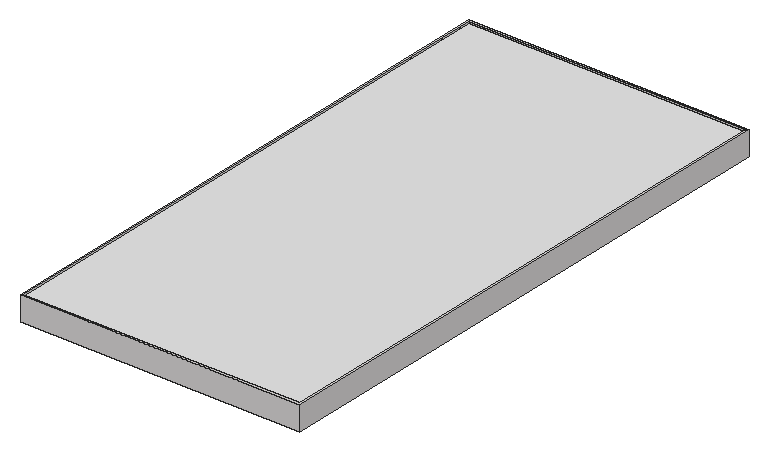
Revit family "Sanitary_Mirrors_Sloan-Valve_MF-Thin-Frames", category Furniture, host Face, Revit 2021
Family settings
  Host = Face
  OmniClass Number = 23.40.95.17.17
  OmniClass Title = Mirrors
  Cut with Voids When Loaded = No
  Shared = No
  Room Calculation Point = No
Parameters (values of type "MF Thin Frame-18x36-BN")
  z_Wall Panel Width 2 = if(Width < 7.87402", Real Width / 7, 1.49606")  # 1.49606"
  z_Wall Panel Width 1 = if(Height < 7.87402", Real Height / 7, 1.9685")  # 1.9685"
  z_Wall Panel Left Offset = if(Height < 7.87", Real Height / 6, 0.87")  # 0.87"
  z_Wall Panel Top Offset = if(Height < 7.87", Real Height / 6, 2.22")  # 2.22"
  z_Cutout Left = if(Width < 7.87", Real Width / 5, 4.06")  # 4.06"
  z_Cutout Top = if(Height < 7.87", Real Height / 5, 6.54")  # 6.54"
  z_Case Back Width = Real Width - 0.19724"  # 17.80276"
  z_Case Back Height = Real Height - 0.19724"  # 35.80276"
  z_Bracket Width = if(or(Real Height < 17.00", Real Width < 7.87"), Real Height / 4, 13.15")  # 13.15"
  Weight = 28.00 lbf
  URL = "www.sloanvalve.com"
  Real Width = if(Width < 4.00", 4.00", Width)  # 18.00"
  Real Height = if(Height < 4.00", 4.00", Height)  # 36.00"
  Width = 18.00"
  Version = 1
  Product data url = "https://bimobject.com/sloan_valve/product/mf-thin-frame-wall-hung-mirror"
  Product Material = Sloan Valve - Finish - Brushed Nickel
  Part Number = "32910018"
  Model = "MF Thin Frame-18x36-BN"
  Manufacturer = "Sloan Valve"  # constant formula
  Height = 36.00"
  Description = "18\" x 36\", Brushed Nickel, Sloan 1/4\" Wall-hung Thin Frame Mirror."
  Depth = 0.82677"  # constant formula
  Default Elevation = 48.00"
  Date Updated = ""
  Date Created = "2024/06/13"  # constant formula
  Custom Size Note = "Please reach out to Sloan Valve Company for information on custom sizes."  # constant formula
Types (6): name | z_Case Back Width | Weight | Real Width | Width | Product Material | Part Number | Model | Description
  MF Thin Frame-18x36-BN | 17.80276" | 28.00 lbf | 18.00" | 18.00" | Sloan Valve - Finish - Brushed Nickel | "32910018" | "MF Thin Frame-18x36-BN" | "18\" x 36\", Brushed Nickel, Sloan 1/4\" Wall-hung Thin Frame Mirror."
  MF Thin Frame-24x36-CP | 23.80276" | 36.00 lbf | 24.00" | 24.00" | Sloan Valve - Finish - Polished Chrome | "32910005" | "MF Thin Frame-24x36-CP" | "24\" x 36\", Polished Chrome, Sloan 1/4\" Wall-hung Thin Frame Mirror."
  MF Thin Frame-24x36-GR | 23.80276" | 36.00 lbf | 24.00" | 24.00" | Sloan Valve - Finish - Graphite | "32910001" | "MF Thin Frame-24x36-GR" | "24\" x 36\", Graphite, Sloan 1/4\" Wall-hung Thin Frame Mirror."
  MF Thin Frame-18x36-GR | 17.80276" | 28.00 lbf | 18.00" | 18.00" | Sloan Valve - Finish - Graphite | "32910016" | "MF Thin Frame-18x36-GR" | "18\" x 36\", Graphite, Sloan 1/4\" Wall-hung Thin Frame Mirror."
  MF Thin Frame-24x36-BN | 23.80276" | 36.00 lbf | 24.00" | 24.00" | Sloan Valve - Finish - Brushed Nickel | "32910003" | "MF Thin Frame-24x36-BN" | "24\" x 36\", Brushed Nickel, Sloan 1/4\" Wall-hung Thin Frame Mirror."
  MF Thin Frame-18x36-CP | 17.80276" | 28.00 lbf | 18.00" | 18.00" | Sloan Valve - Finish - Polished Chrome | "32910020" | "MF Thin Frame-18x36-CP" | "18\" x 36\", Polished Chrome, Sloan 1/4\" Wall-hung Thin Frame Mirror."
Reference planes (in)
  plane 1 "Center (Front/Back)": y = 0
  plane 2: z = 0
  plane 3 "Center (Left/Right)": x = 0
  plane 4: y = 18
  plane 5: y = -18
  plane 6: x = -9
  plane 7: x = 9
  plane 8: z = 1.62205
  plane 9: z = 1.24803
  plane 10: y = 17.90138
  plane 11: y = -17.90138
  plane 12: x = 8.90138
  plane 13: x = -8.90138
  plane 14: y = 11.46
  plane 15: y = -11.46
  plane 16: x = -7.27953
  plane 17: x = 7.27953
  plane 18: z = 0.06693
  plane 19: y = 15.78
  plane 20: y = -15.78
  plane 21: x = -8.13
  plane 22: x = 8.13
  plane 23: x = -4.94
  plane 24: x = 4.94
  plane 25: y = 6.575
  plane 26: y = -6.575
Forms (in)
  Sweep 1, solid, material "Sloan Valve - Finish - Brushed Nickel" <- "Product Material"
    path origin (0, 0, 0) x (1, 0, 0) y (0, 1, 0)
      loop
        line (-9, 18) -> (-9, -18) -> (9, -18) -> (9, 18) -> (-9, 18)
    profile origin (0, 18, 0) x (0, 1, 0) y (0, 0, 1)
      loop
        line (-0.10039, 1.62205) -> (-0.10039, 0.06693) -> (0, 0.06693) -> (0, 1.62205) -> (-0.10039, 1.62205)
  Extrusion 2, solid, material "Sloan Valve - Glass - Mirror"
    sketch origin (0, 0, 0) x (1, 0, 0) y (0, 1, 0)
      loop
        line (-8.89961, 17.89961) -> (-8.89961, -17.89961) -> (8.89961, -17.89961) -> (8.89961, 17.89961) -> (-8.89961, 17.89961)
    from 1.24803 to 1.54331
  Extrusion 3, solid, material "Sloan Valve - Finish - Brushed Nickel" <- "Product Material"
    sketch origin (0, 0, 0) x (1, 0, 0) y (0, 1, 0)
      loop
        line (-8.90138, 17.90138) -> (-8.90138, -17.90138) -> (8.90138, -17.90138) -> (8.90138, 17.90138) -> (-8.90138, 17.90138)
      loop
        line (-4.94, 11.46) -> (-4.94, -11.46) -> (4.94, -11.46) -> (4.94, 11.46) -> (-4.94, 11.46)
    from 0.06693 to 1.24803
  Extrusion 4, solid, material "Sloan Valve - Finish - Polished Chrome"
    sketch origin (0, 0, 0) x (1, 0, 0) y (0, 1, 0)
      loop
        line (-8.13, 15.78) -> (-8.13, -15.78) -> (8.13, -15.78) -> (8.13, 15.78) -> (-8.13, 15.78)
      loop
        line (-6.63394, 13.8115) -> (-6.63394, -13.8115) -> (6.63394, -13.8115) -> (6.63394, 13.8115) -> (-6.63394, 13.8115)
      loop
        circle (7.38197, -14.79575) r 0.09843
      loop
        circle (-7.38197, -14.79575) r 0.09843
      loop
        circle (7.38197, 14.79575) r 0.09843
      loop
        circle (-7.38197, 14.79575) r 0.09843
    from 0 to 0.06693
  Extrusion 5, solid, material "Sloan Valve - Finish - Polished Chrome"
    sketch origin (0, 0, 0) x (0, 1, 0) y (0, 0, 1)
      loop
        line (7.7561, 0.06693) -> (6.575, 0.06693) -> (6.575, 0.47244) -> (-6.575, 0.47244) -> (-6.575, 0.06693) -> (-7.7561, 0.06693) -> (-7.7561, 0.02756) -> (-6.53563, 0.02756) -> (-6.53563, 0.43307) -> (6.53563, 0.43307) -> (6.53563, 0.02756) -> (7.7561, 0.02756) -> (7.7561, 0.06693)
    from -4.94 to 4.94
Cuts and joins
  joined: Sweep 1, Extrusion 3
Lines and regions (in)
  Masking region 1
    outline origin (0, 0, 0) x (1, 0, 0) y (0, 0, 1)
      loop
        line (-9, 1.62205) -> (-9, 0.06693) -> (-8.13, 0.06693) -> (-8.13, 0) -> (8.13, 0) -> (8.13, 0.06693) -> (9, 0.06693) -> (9, 1.62205) -> (-9, 1.62205)
  symbolic lines, detail levels medium+fine
    curve 1: line (-8.13, 0, 0.06693) -> (8.13, 0, 0.06693)
Dimensions and locks (in)
  "Real Height": plane 4 to plane 5
  equal spacing: plane 4, plane 1 "Center (Front/Back)", plane 5
  equal spacing: plane 6, plane 3 "Center (Left/Right)", plane 7
  "Real Width": plane 6 to plane 7
  locked: plane 4 to Extrusion 2 sketch curve at 0.10039
  locked: Extrusion 2 sketch curve to plane 5 at 0.10039
  locked: plane 6 to Extrusion 2 sketch curve at 0.10039
  locked: Extrusion 2 sketch curve to plane 7 at 0.10039
  locked: plane 8 to plane 9 at 0.37402
  "z_Case Back Height": plane 10 to plane 11
  equal spacing: plane 10, plane 1 "Center (Front/Back)", plane 11
  equal spacing: plane 13, plane 3 "Center (Left/Right)", plane 12
  "z_Case Back Width": plane 13 to plane 12
  locked: plane 18 to level at 0.06693
  plane 8 to plane 18 = 1.55512"
  "z_Wall Panel Width 2": Extrusion 4 sketch curve to Extrusion 4 sketch curve  (x2)
  "z_Wall Panel Width 1": Extrusion 4 sketch curve to Extrusion 4 sketch curve  (x2)
  equal spacing: plane 19, plane 1 "Center (Front/Back)", plane 20
  equal spacing: plane 21, plane 3 "Center (Left/Right)", plane 22
  "z_Wall Panel Top Offset": plane 4 to plane 19
  equal spacing: Extrusion 4 sketch curve, Extrusion 4 sketch curve, Extrusion 4 sketch curve  (x8)
  "z_Wall Panel Left Offset": Sweep 1 to Extrusion 4 sketch curve
  "z_Wall Panel Left Offset": plane 6 to plane 21
  Extrusion 2 to plane 4 = 0.10039"
  locked: Sweep 1 sketch curve to profile plane at 0.10039
  equal spacing: plane 14, plane 1 "Center (Front/Back)", plane 15
  equal spacing: plane 23, plane 3 "Center (Left/Right)", plane 24
  "z_Cutout Left": plane 6 to plane 23
  "z_Cutout Top": plane 4 to plane 14
  equal spacing: plane 25, plane 1 "Center (Front/Back)", plane 26
  "z_Bracket Width": plane 25 to plane 26
  locked: Extrusion 5 sketch curve to Extrusion 5 sketch curve at 0.03937  (x3)
  locked: plane 2 to Extrusion 5 sketch curve at 0.47244
  locked: Extrusion 5 sketch curve to Extrusion 5 sketch curve at 1.1811  (x2)
  aligned and locked: plane 2 to host face
  aligned and locked: level to host face
  aligned and locked: plane 6 to Sweep 1 sketch curve
  aligned and locked: plane 7 to Sweep 1 sketch curve
  aligned and locked: Sweep 1 sketch curve to plane 4
  aligned and locked: plane 5 to Sweep 1 sketch curve
  aligned and locked: plane 8 to Sweep 1 sketch curve
  aligned and locked: Sweep 1 sketch curve to profile plane
  aligned and locked: Extrusion 2 to plane 9
  aligned and locked: Extrusion 3 sketch curve to plane 11
  aligned and locked: Extrusion 3 sketch curve to plane 10
  aligned and locked: Extrusion 3 sketch curve to plane 13
  aligned and locked: Extrusion 3 sketch curve to plane 12
  aligned and locked: Extrusion 3 to Extrusion 2
  aligned and locked: Extrusion 3 to plane 18
  aligned and locked: Extrusion 4 sketch curve to plane 19
  aligned and locked: Extrusion 4 sketch curve to plane 20
  aligned and locked: Extrusion 4 to level
  aligned and locked: Extrusion 4 to plane 18
  aligned and locked: Masking region 1 sketch curve to Sweep 1  (x3)
  aligned and locked: Extrusion 4 to Masking region 1 sketch curve
  aligned and locked: Masking region 1 sketch curve to plane 6
  aligned and locked: curve 1 to Masking region 1  (x2)
  aligned and locked: Masking region 1 to curve 1
  aligned and locked: Extrusion 3 sketch curve to plane 14
  aligned and locked: Extrusion 3 sketch curve to plane 15
  aligned and locked: Extrusion 3 sketch curve to plane 23
  aligned and locked: Extrusion 3 sketch curve to plane 24
  aligned and locked: Extrusion 5 sketch curve to Extrusion 5 sketch curve  (x2)
  aligned and locked: plane 26 to Extrusion 5 sketch curve
  aligned and locked: plane 25 to Extrusion 5 sketch curve
  aligned and locked: Masking region 1 sketch curve to Extrusion 4  (x2)
  aligned and locked: Extrusion 5 to cut or joined group of Sweep 1, Extrusion 3  (x2)
Automatic sketch dimensions
  host sketch curve to host sketch curve = 96.00"  (x2)
  Masking region 1 sketch curve to plane 18 = 0.00"
  level to Sweep 1 sketch curve = 0.06693"
  Extrusion 4 sketch curve to plane 22 = 0.00"
  Extrusion 5 sketch curve to plane 18 = 0.00"
  level to Extrusion 5 sketch curve = 0.02756"
  radius of Extrusion 4 sketch curve = 0.09843"  (x4)
